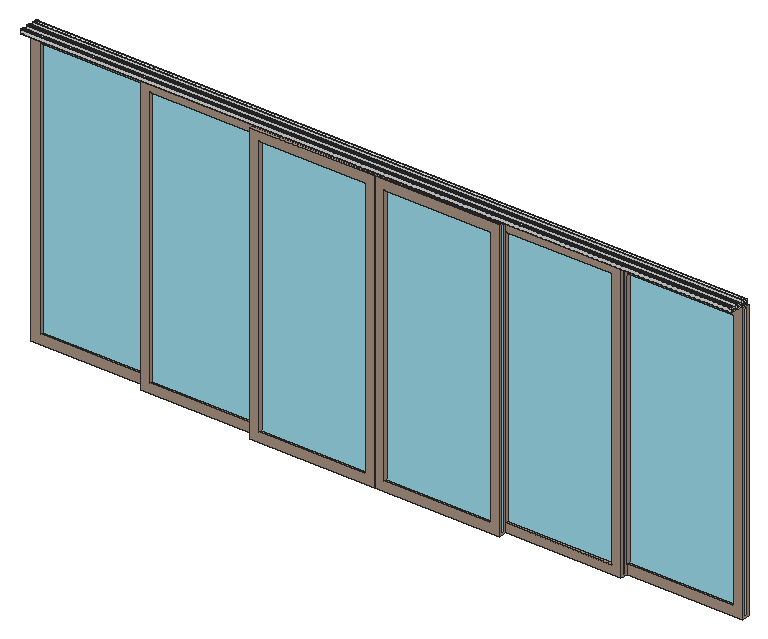
Revit family "Slido 6S Panel Slide SW6S XRDLP", category Doors, host Wall, Revit 2016
Family settings
  Host = Wall
  Always vertical = Yes
  Cut with Voids When Loaded = No
  Shared = No
  Room Calculation Point = No
Parameters (values of type "234"x 94 1/2"")
  URL = "www.raydoor.com"
  Type Image = SW6.jpg
  Thickness = 2 1/4"  # constant formula
  Rough Width = 1"  # constant formula
  Rough Height = 0"  # constant formula
  Model = "SW6S"
  Function = Interior
  Door Material = Door - Panel
  Panel Material = Glass, Cast, Gray
  Height = 94 1/2"
  Trim Projection Ext = 63/64"  # constant formula
  Typ = 3"  # constant formula
  Wall Closure = By host
  Width = 234"
  Assembly Code = "SW6S XRDLP"
Reference planes (in)
  plane 1: y = 0
  plane 2: z = 0
  plane 3: x = -1.5
  plane 4: x = -118.5
  plane 5: x = 115.5
  plane 6: z = 94.5
  plane 7: x = 76
  plane 8: x = 114
  plane 9: z = 92.5
  plane 10: x = -42.5
  plane 11: x = -41
  plane 12: x = -39.5
  plane 13: x = -117
  plane 14: x = -115.5
  plane 15: x = 36.5
  plane 16: x = 38
  plane 17: x = 39.5
  plane 18: x = 112.5
  plane 19: x = 114
  plane 20: x = -80.5
  plane 21: x = -79
  plane 22: x = -77.5
  plane 23: x = 74.5
  plane 24: x = 76
  plane 25: x = 77.5
  plane 26: x = -3
  plane 27: x = -4.5
  plane 28: x = -3
  plane 29: x = 1.5
  plane 30: x = 0
Forms (in)
  Extrusion 1, solid, material "Door - Panel" <- "Door Material"
    sketch origin (-95, -7.75, 0.25) x (1, 0, 0) y (0, 0, 1)
      loop
        line (131.5, 92.25) -> (131.5, 0.5) -> (172.5, 0.5) -> (172.5, 92.25) -> (131.5, 92.25)
      loop
        line (134.5, 89.25) -> (134.5, 3.5) -> (169.5, 3.5) -> (169.5, 89.25) -> (134.5, 89.25)
    from -8.875 to -6.625
  Extrusion 2, solid, material "Glass, Cast, Gray" <- "Panel Material"
    sketch origin (-58, -13.51431, 0.25) x (1, 0, 0) y (0, 0, 1)
      loop
        line (94.5, 92.25) -> (94.5, 1.375) -> (135.5, 1.375) -> (135.5, 92.25) -> (94.5, 92.25)
    from -13.62452 to -13.37616
  Extrusion 3, solid, material "Door - Panel" <- "Door Material"
    sketch origin (-133.5, -5.62336, 0.25) x (1, 0, 0) y (0, 0, 1)
      loop
        line (132, 92.25) -> (132, 0.5) -> (173, 0.5) -> (173, 92.25) -> (132, 92.25)
      loop
        line (135, 89.25) -> (135, 3.5) -> (170, 3.5) -> (170, 89.25) -> (135, 89.25)
    from -4.23602 to -1.98602
  Extrusion 4, solid, material "Glass, Cast, Gray" <- "Panel Material"
    sketch origin (-97, -16.00826, 0.25) x (1, 0, 0) y (0, 0, 1)
      loop
        line (95.5, 92.25) -> (95.5, 1.375) -> (136.5, 1.375) -> (136.5, 92.25) -> (95.5, 92.25)
    from -13.61928 to -13.37092
  Extrusion 5, solid, material "Door - Panel" <- "Door Material"
    sketch origin (-57, -1.59375, 0.25) x (1, 0, 0) y (0, 0, 1)
      loop
        line (131.5, 92.25) -> (131.5, 0.5) -> (172.5, 0.5) -> (172.5, 92.25) -> (131.5, 92.25)
      loop
        line (134.5, 89.25) -> (134.5, 3.5) -> (169.5, 3.5) -> (169.5, 89.25) -> (134.5, 89.25)
    from -5.23602 to -2.98602
  Extrusion 6, solid, material "Glass, Cast, Gray" <- "Panel Material"
    sketch origin (-20, -11.04925, 0.25) x (1, 0, 0) y (0, 0, 1)
      loop
        line (94.5, 92.25) -> (94.5, 1.375) -> (135.5, 1.375) -> (135.5, 92.25) -> (94.5, 92.25)
    from -13.69152 to -13.44316
  Extrusion 7, solid, material "UHMW, White"
    sketch origin (0, 41.42102, -8.8393) x (0, 1, 0) y (0, 0, 1)
      loop
        line (-40.90927, 103.3393) -> (-41.93277, 103.3393) -> (-41.93277, 103.25788)
        arc (-41.93277, 103.25788) -> (-41.93277, 103.18259) -> (-41.99798, 103.22023) r 0.04347
        line (-41.99798, 103.22023) -> (-42.03755, 103.22023) -> (-42.03755, 102.06546)
        arc (-42.03755, 102.06546) -> (-42.02627, 102.03823) -> (-41.99904, 102.02695) r 0.03851
        arc (-41.99904, 102.02695) -> (-41.95713, 102.04782) -> (-41.91529, 102.0268) r 0.05233
        line (-41.91529, 102.0268) -> (-41.7174, 102.0268) -> (-41.7174, 102.10673) -> (-41.93475, 102.12574) -> (-41.96636, 102.24373) -> (-41.96636, 103.10416) -> (-41.832, 103.11591) -> (-41.832, 103.24555) -> (-41.65813, 103.24555) -> (-41.65813, 103.14872) -> (-41.59885, 103.14872) -> (-41.59885, 103.24555) -> (-41.24319, 103.24555) -> (-41.24319, 103.14872) -> (-41.18392, 103.14872) -> (-41.18392, 103.24555) -> (-41.01004, 103.24555) -> (-41.01004, 103.11591) -> (-40.87568, 103.10416) -> (-40.87568, 102.24373) -> (-40.90729, 102.12574) -> (-41.12464, 102.10673) -> (-41.12464, 102.02673) -> (-40.92672, 102.02673)
        arc (-40.92672, 102.02673) -> (-40.88484, 102.04771) -> (-40.84295, 102.02673) r 0.0523
        arc (-40.84295, 102.02673) -> (-40.8158, 102.03798) -> (-40.80455, 102.06514) r 0.0384
        line (-40.80455, 102.06514) -> (-40.80455, 103.22023) -> (-40.84407, 103.22023)
        arc (-40.84407, 103.22023) -> (-40.90927, 103.18259) -> (-40.90927, 103.25788) r 0.04347
        line (-40.90927, 103.25788) -> (-40.90927, 103.3393)
    from -118.5 to 115.5
  Extrusion 8, solid, material "UHMW, White"
    sketch origin (-41.44048, 0.40931, 94.375) x (0, -1, 0) y (1, 0, 0)
      loop
        circle (0.40931, 117.44048) r 0.125
    from -1.875 to 0.125
  Extrusion 9, solid, material "UHMW, White"
    sketch origin (-79.44047, 3.13354, 94.375) x (0, -1, 0) y (1, 0, 0)
      loop
        circle (0.59681, 193.44047) r 0.125
    from -1.875 to 0.125
  Extrusion 10, solid, material "UHMW, White"
    sketch origin (-41.44048, -2.33987, 94.375) x (0, -1, 0) y (1, 0, 0)
      loop
        circle (0.17247, 79.44048) r 0.125
    from -1.875 to 0.125
  Extrusion 11, void
    sketch origin (-97, -16.00826, -91) x (1, 0, 0) y (0, 0, 1)
      loop
        line (95.5, 92.625) -> (95.5, 91.75) -> (136.5, 91.75) -> (136.5, 92.625) -> (95.5, 92.625)
    from -13.61928 to -13.37092
  Extrusion 12, void
    sketch origin (-97, -13.48248, -91) x (1, 0, 0) y (0, 0, 1)
      loop
        line (133.5, 92.625) -> (133.5, 91.75) -> (174.5, 91.75) -> (174.5, 92.625) -> (133.5, 92.625)
    from -13.59269 to -13.34433
  Extrusion 13, void
    sketch origin (-97, -11.10201, -91) x (1, 0, 0) y (0, 0, 1)
      loop
        line (171.5, 92.625) -> (171.5, 91.75) -> (212.5, 91.75) -> (212.5, 92.625) -> (171.5, 92.625)
    from -13.74428 to -13.49592
  Extrusion 14, solid, material "UHMW, White"
    sketch origin (0, 43.95775, -8.8393) x (0, 1, 0) y (0, 0, 1)
      loop
        line (-40.90927, 103.3393) -> (-41.93277, 103.3393) -> (-41.93277, 103.25788)
        arc (-41.93277, 103.25788) -> (-41.93277, 103.18259) -> (-41.99798, 103.22023) r 0.04347
        line (-41.99798, 103.22023) -> (-42.03755, 103.22023) -> (-42.03755, 102.06546)
        arc (-42.03755, 102.06546) -> (-42.02627, 102.03823) -> (-41.99904, 102.02695) r 0.03851
        arc (-41.99904, 102.02695) -> (-41.95713, 102.04782) -> (-41.91529, 102.0268) r 0.05233
        line (-41.91529, 102.0268) -> (-41.7174, 102.0268) -> (-41.7174, 102.10673) -> (-41.93475, 102.12574) -> (-41.96636, 102.24373) -> (-41.96636, 103.10416) -> (-41.832, 103.11591) -> (-41.832, 103.24555) -> (-41.65813, 103.24555) -> (-41.65813, 103.14872) -> (-41.59885, 103.14872) -> (-41.59885, 103.24555) -> (-41.24319, 103.24555) -> (-41.24319, 103.14872) -> (-41.18392, 103.14872) -> (-41.18392, 103.24555) -> (-41.01004, 103.24555) -> (-41.01004, 103.11591) -> (-40.87568, 103.10416) -> (-40.87568, 102.24373) -> (-40.90729, 102.12574) -> (-41.12464, 102.10673) -> (-41.12464, 102.02673) -> (-40.92672, 102.02673)
        arc (-40.92672, 102.02673) -> (-40.88484, 102.04771) -> (-40.84295, 102.02673) r 0.0523
        arc (-40.84295, 102.02673) -> (-40.8158, 102.03798) -> (-40.80455, 102.06514) r 0.0384
        line (-40.80455, 102.06514) -> (-40.80455, 103.22023) -> (-40.84407, 103.22023)
        arc (-40.84407, 103.22023) -> (-40.90927, 103.18259) -> (-40.90927, 103.25788) r 0.04347
        line (-40.90927, 103.25788) -> (-40.90927, 103.3393)
    from -118.5 to 115.5
  Extrusion 15, solid, material "UHMW, White"
    sketch origin (-79.44047, 5.65081, 94.375) x (0, -1, 0) y (1, 0, 0)
      loop
        circle (5.65081, 38.44047) r 0.125
    from -1.875 to 0.125
  Extrusion 16, solid, material "UHMW, White"
    sketch origin (-41.44048, -4.85221, 94.375) x (0, -1, 0) y (1, 0, 0)
      loop
        circle (-2.34069, 38.44048) r 0.125
    from -1.875 to 0.125
  Extrusion 17, solid, material "UHMW, White"
    sketch origin (0, 38.90868, -8.8393) x (0, 1, 0) y (0, 0, 1)
      loop
        line (-41.24319, 103.24555) -> (-41.24319, 103.14872) -> (-41.18392, 103.14872) -> (-41.18392, 103.24555) -> (-41.01004, 103.24555) -> (-41.01004, 103.11591) -> (-40.87568, 103.10416) -> (-40.87568, 102.24373) -> (-40.90729, 102.12574) -> (-41.12464, 102.10673) -> (-41.12464, 102.02673) -> (-40.92672, 102.02673)
        arc (-40.92672, 102.02673) -> (-40.88484, 102.04771) -> (-40.84295, 102.02673) r 0.0523
        arc (-40.84295, 102.02673) -> (-40.8158, 102.03798) -> (-40.80455, 102.06514) r 0.0384
        line (-40.80455, 102.06514) -> (-40.80455, 103.22023) -> (-40.84407, 103.22023)
        arc (-40.84407, 103.22023) -> (-40.90927, 103.18259) -> (-40.90927, 103.25788) r 0.04347
        line (-40.90927, 103.25788) -> (-40.90927, 103.3393) -> (-41.93277, 103.3393) -> (-41.93277, 103.25788)
        arc (-41.93277, 103.25788) -> (-41.93277, 103.18259) -> (-41.99798, 103.22023) r 0.04347
        line (-41.99798, 103.22023) -> (-42.03755, 103.22023) -> (-42.03755, 102.06546)
        arc (-42.03755, 102.06546) -> (-42.02627, 102.03823) -> (-41.99904, 102.02695) r 0.03851
        arc (-41.99904, 102.02695) -> (-41.95713, 102.04782) -> (-41.91529, 102.0268) r 0.05233
        line (-41.91529, 102.0268) -> (-41.7174, 102.0268) -> (-41.7174, 102.10673) -> (-41.93475, 102.12574) -> (-41.96636, 102.24373) -> (-41.96636, 103.10416) -> (-41.832, 103.11591) -> (-41.832, 103.24555) -> (-41.65813, 103.24555) -> (-41.65813, 103.14872) -> (-41.59885, 103.14872) -> (-41.59885, 103.24555) -> (-41.24319, 103.24555)
    from -118.5 to 115.5
  Extrusion 18, solid, material "UHMW, White", not visible
    sketch origin (0, 46.47502, -8.8393) x (0, 1, 0) y (0, 0, 1)
      loop
        line (-40.98352, 103.19868) -> (-41.01171, 103.3393) -> (-41.83033, 103.3393) -> (-41.85852, 103.19868)
        arc (-41.85852, 103.19868) -> (-41.80383, 103.14399) -> (-41.85852, 103.0893) r 0.05469
        line (-41.85852, 103.0893) -> (-41.98352, 103.0893)
        arc (-41.98352, 103.0893) -> (-42.00562, 103.08015) -> (-42.01477, 103.05805) r 0.03125
        line (-42.01477, 103.05805) -> (-42.01477, 102.01916)
        arc (-42.01477, 102.01916) -> (-42.00846, 102.00031) -> (-41.99207, 101.98907) r 0.0313
        line (-41.99207, 101.98907) -> (-41.79602, 101.93305) -> (-41.69446, 101.93305)
        arc (-41.69446, 101.93305) -> (-41.67628, 101.9417) -> (-41.67151, 101.96126) r 0.02344
        arc (-41.67151, 101.96126) -> (-41.67368, 101.97686) -> (-41.68523, 101.98757) r 0.02344
        line (-41.68523, 101.98757) -> (-41.93665, 102.0594) -> (-41.93665, 102.13127) -> (-41.95227, 102.19377) -> (-41.95227, 102.99555) -> (-41.80383, 103.006) -> (-41.71195, 103.24555) -> (-41.1301, 103.24555) -> (-41.03821, 103.006) -> (-40.88977, 102.99555) -> (-40.88977, 102.19377) -> (-40.9054, 102.13127) -> (-40.9054, 102.0594) -> (-41.15682, 101.98757)
        arc (-41.15682, 101.98757) -> (-41.16837, 101.97686) -> (-41.17053, 101.96126) r 0.02344
        arc (-41.17053, 101.96126) -> (-41.16576, 101.9417) -> (-41.14758, 101.93305) r 0.02344
        line (-41.14758, 101.93305) -> (-41.04602, 101.93305) -> (-40.84997, 101.98907)
        arc (-40.84997, 101.98907) -> (-40.83358, 102.00031) -> (-40.82727, 102.01916) r 0.0313
        line (-40.82727, 102.01916) -> (-40.82727, 103.05805)
        arc (-40.82727, 103.05805) -> (-40.83642, 103.08015) -> (-40.85852, 103.0893) r 0.03125
        line (-40.85852, 103.0893) -> (-40.98352, 103.0893)
        arc (-40.98352, 103.0893) -> (-41.03821, 103.14399) -> (-40.98352, 103.19868) r 0.05469
    from -96.5 to 96.5
  Extrusion 19, solid, material "UHMW, White"
    sketch origin (76.44047, 3.13354, 94.375) x (0, -1, 0) y (1, 0, 0)
      loop
        circle (0.59681, -155.44047) r 0.125
    from -1.875 to 0.125
  Extrusion 20, solid, material "Door - Panel" <- "Door Material"
    sketch origin (-215.33333, -1.59375, 0.25) x (1, 0, 0) y (0, 0, 1)
      loop
        line (96.83333, 92.25) -> (96.83333, 0.5) -> (137.83333, 0.5) -> (137.83333, 92.25) -> (96.83333, 92.25)
      loop
        line (99.83333, 89.25) -> (99.83333, 3.5) -> (134.83333, 3.5) -> (134.83333, 89.25) -> (99.83333, 89.25)
    from -5.23602 to -2.98602
  Extrusion 21, solid, material "Glass, Cast, Gray" <- "Panel Material"
    sketch origin (-178.33333, -11.04925, 0.25) x (1, 0, 0) y (0, 0, 1)
      loop
        line (59.83333, 92.25) -> (59.83333, 1.375) -> (100.83333, 1.375) -> (100.83333, 92.25) -> (59.83333, 92.25)
    from -13.69152 to -13.44316
  Extrusion 22, void
    sketch origin (-255.33333, -11.10201, -91) x (1, 0, 0) y (0, 0, 1)
      loop
        line (136.83333, 92.625) -> (136.83333, 91.75) -> (177.83333, 91.75) -> (177.83333, 92.625) -> (136.83333, 92.625)
    from -13.74428 to -13.49592
  Extrusion 23, solid, material "Door - Panel" <- "Door Material"
    sketch origin (-191, -7.75, 0.25) x (1, 0, 0) y (0, 0, 1)
      loop
        line (110.5, 92.25) -> (110.5, 0.5) -> (151.5, 0.5) -> (151.5, 92.25) -> (110.5, 92.25)
      loop
        line (113.5, 89.25) -> (113.5, 3.5) -> (148.5, 3.5) -> (148.5, 89.25) -> (113.5, 89.25)
    from -8.875 to -6.625
  Extrusion 24, solid, material "Glass, Cast, Gray" <- "Panel Material"
    sketch origin (-154, -13.51431, 0.25) x (1, 0, 0) y (0, 0, 1)
      loop
        line (73.5, 92.25) -> (73.5, 1.375) -> (114.5, 1.375) -> (114.5, 92.25) -> (73.5, 92.25)
    from -13.62452 to -13.37616
  Extrusion 25, void
    sketch origin (-193, -13.48248, -91) x (1, 0, 0) y (0, 0, 1)
      loop
        line (112.5, 92.625) -> (112.5, 91.75) -> (153.5, 91.75) -> (153.5, 92.625) -> (112.5, 92.625)
    from -13.59269 to -13.34433
  Extrusion 26, solid, material "Door - Panel" <- "Door Material"
    sketch origin (-167.66667, -5.62336, 0.25) x (1, 0, 0) y (0, 0, 1)
      loop
        line (125.16667, 92.25) -> (125.16667, 0.5) -> (166.16667, 0.5) -> (166.16667, 92.25) -> (125.16667, 92.25)
      loop
        line (128.16667, 89.25) -> (128.16667, 3.5) -> (163.16667, 3.5) -> (163.16667, 89.25) -> (128.16667, 89.25)
    from -4.23602 to -1.98602
  Extrusion 27, solid, material "Glass, Cast, Gray" <- "Panel Material"
    sketch origin (-131.16667, -16.00826, 0.25) x (1, 0, 0) y (0, 0, 1)
      loop
        line (88.66667, 92.25) -> (88.66667, 1.375) -> (129.66667, 1.375) -> (129.66667, 92.25) -> (88.66667, 92.25)
    from -13.61928 to -13.37092
  Extrusion 28, void
    sketch origin (-131.16667, -16.00826, -91) x (1, 0, 0) y (0, 0, 1)
      loop
        line (88.66667, 92.625) -> (88.66667, 91.75) -> (129.66667, 91.75) -> (129.66667, 92.625) -> (88.66667, 92.625)
    from -13.61928 to -13.37092
Cuts and joins
  Extrusion 11, Extrusion 28 cuts Extrusion 3
  Extrusion 12, Extrusion 25 cuts Extrusion 1
  Extrusion 13, Extrusion 22 cuts Extrusion 5
  Extrusion 22 cuts Extrusion 6
  Extrusion 22 cuts Extrusion 20
  Extrusion 22 cuts Extrusion 21
  Extrusion 25 cuts Extrusion 2
  Extrusion 25 cuts Extrusion 23
  Extrusion 25 cuts Extrusion 24
  Extrusion 28 cuts Extrusion 4
  Extrusion 28 cuts Extrusion 26
  Extrusion 28 cuts Extrusion 27
Lines and regions (in)
  Opening 1
    outline origin (-60, -7.75, 144) x (0, 0, -1) y (1, 0, 0)
      loop
        line (49.5, -58.5) -> (144, -58.5) -> (144, 175.5) -> (49.5, 175.5) -> (49.5, -58.5)
  Masking region 1
    outline origin (0, 0, 0) x (1, 0, 0) y (0, 1, 0)
      loop
        line (115.5, -1.125) -> (115.5, 1.125) -> (74.5, 1.125) -> (74.5, -1.125) -> (115.5, -1.125)
  Masking region 2
    outline origin (0, -2.5, 0) x (1, 0, 0) y (0, 1, 0)
      loop
        line (115.5, -1.13734) -> (115.5, 1.11266) -> (74.5, 1.11266) -> (74.5, -1.13734) -> (115.5, -1.13734)
  Masking region 3
    outline origin (0, 2.70109, 0) x (1, 0, 0) y (0, 1, 0)
      loop
        line (115.5, -1.30882) -> (115.5, 0.94118) -> (74.5, 0.94118) -> (74.5, -1.30882) -> (115.5, -1.30882)
  Masking region 4
    outline origin (-152.23579, 4.781, 0) x (1, 0, 0) y (0, 1, 0)
      loop
        line (74.73579, -3.38873) -> (74.73579, -1.13873) -> (33.73579, -1.13873) -> (33.73579, -3.38873) -> (74.73579, -3.38873)
  Masking region 5
    outline origin (-152.23579, 1.781, 0) x (1, 0, 0) y (0, 1, 0)
      loop
        line (74.73579, -2.906) -> (74.73579, -0.656) -> (33.73579, -0.656) -> (33.73579, -2.906) -> (74.73579, -2.906)
  Masking region 6
    outline origin (-150.05724, -1.57368, 0) x (1, 0, 0) y (0, 1, 0)
      loop
        line (72.55724, -2.06366) -> (72.55724, 0.18634) -> (31.55724, 0.18634) -> (31.55724, -2.06366) -> (72.55724, -2.06366)
  model lines
    curve 1: line (-118.5, 7.75, 0) -> (115.5, 7.75, 0)
  symbolic lines, style "Elevation Swing"
    curve 2: line (44.58333, 0, 38.12969) -> (69.41667, 0, 38.12969)
    curve 3: line (69.41667, 0, 32.93892) -> (44.58333, 0, 32.93892)
    curve 4: line (44.58333, 0, 38.12969) -> (51.51154, 0, 42.12969)
    curve 5: line (62.48846, 0, 28.93892) -> (69.41667, 0, 32.93892)
    curve 20: line (-72.41667, 0, 38.12969) -> (-47.58333, 0, 38.12969)
    curve 21: line (-47.58333, 0, 32.93892) -> (-72.41667, 0, 32.93892)
    curve 22: line (-72.41667, 0, 38.12969) -> (-65.48846, 0, 42.12969)
    curve 23: line (-54.51154, 0, 28.93892) -> (-47.58333, 0, 32.93892)
  symbolic lines, style "DoorsHiddenLines"
    curve 6: line (114, 1.39227, 0) -> (-117, 1.39227, 0)
    curve 7: line (114, 3.64227, 0) -> (-117, 3.64227, 0)
    curve 8: line (114, 1.125, 0) -> (-117, 1.125, 0)
    curve 9: line (114, -1.125, 0) -> (-117, -1.125, 0)
    curve 10: line (114, -3.63734, 0) -> (-117, -3.63734, 0)
    curve 11: line (114, -1.38734, 0) -> (-117, -1.38734, 0)
  symbolic lines, style "Plan Swing"
    curve 12: line (67.16667, -16.42864, 0) -> (46.83333, -16.42864, 0)
    curve 13: line (46.83333, -16.42864, 0) -> (48.95465, -14.30732, 0)
    curve 14: line (67.16667, -17.94763, 0) -> (46.83333, -17.94763, 0)
    curve 15: line (65.04535, -20.06895, 0) -> (67.16667, -17.94763, 0)
    curve 16: line (-49.83333, -16.42864, 0) -> (-70.16667, -16.42864, 0)
    curve 17: line (-70.16667, -16.42864, 0) -> (-68.04535, -14.30732, 0)
    curve 18: line (-49.83333, -17.94763, 0) -> (-70.16667, -17.94763, 0)
    curve 19: line (-51.95465, -20.06895, 0) -> (-49.83333, -17.94763, 0)
Dimensions and locks (in)
  equal spacing: plane 4, plane 3, plane 5
  "Width": plane 4 to plane 5
  "Height": plane 6 to level
  "Typ": Extrusion 1 sketch curve to Extrusion 1 sketch curve  (x2)
  locked: Extrusion 2 to Extrusion 2 at 0.24836
  locked: Extrusion 2 to Extrusion 1 at 0.98684
  locked: Extrusion 1 to Extrusion 2 at 1.0148
  "Typ": Extrusion 3 sketch curve to Extrusion 3 sketch curve  (x2)
  locked: Extrusion 4 to Extrusion 4 at 0.24836
  "Thickness": Extrusion 3 to Extrusion 3
  locked: Extrusion 3 to Extrusion 4 at 1.00164
  locked: Extrusion 4 to Extrusion 3 at 1
  "Thickness": Extrusion 1 to Extrusion 1
  "Typ": Extrusion 5 sketch curve to Extrusion 5 sketch curve  (x2)
  locked: Extrusion 6 to Extrusion 6 at 0.24836
  locked: Extrusion 6 to Extrusion 5 at 1.00164
  locked: Extrusion 5 to Extrusion 6 at 1
  "Thickness": Extrusion 5 to Extrusion 5
  locked: plane 7 to Extrusion 8 sketch curve at 0.125
  plane 6 to plane 9 = 2"
  locked: Extrusion 5 to Extrusion 6 sketch curve at 0.875
  locked: cut or joined group of Extrusion 5, Extrusion 13, Extrusion 22 to cut or joined group of Extrusion 1, Extrusion 12, Extrusion 25 at 0.26727
  "Typ": plane 10 to plane 12
  equal spacing: plane 10, plane 11, plane 12, locked at 1.5 each
  "Typ": plane 4 to plane 14
  equal spacing: plane 4, plane 13, plane 14, locked at 1.5 each
  equal spacing: plane 30, plane 16, plane 24, plane 19
  "Typ": plane 15 to plane 17
  equal spacing: plane 15, plane 16, plane 17, locked at 1.5 each
  "Typ": plane 18 to plane 5
  equal spacing: plane 18, plane 19, plane 5, locked at 1.5 each
  equal spacing: cut or joined group of Extrusion 1, Extrusion 12, Extrusion 25, host wall, cut or joined group of Extrusion 1, Extrusion 12, Extrusion 25, locked at 1.125 each
  locked: cut or joined group of Extrusion 1, Extrusion 12, Extrusion 25 to cut or joined group of Extrusion 3, Extrusion 11, Extrusion 28 at 0.26234
  locked: Extrusion 10 sketch curve to host wall at 2.63734
  locked: host wall to cut or joined group of Extrusion 3, Extrusion 11, Extrusion 28 at 1.38734
  locked: host wall to Extrusion 9 sketch curve at 2.41172
  "Thickness": Masking region 2 sketch curve to Masking region 2 sketch curve
  locked: curve 9 to Masking region 2 sketch curve at 0.26234
  "Typ": plane 20 to plane 22
  equal spacing: plane 20, plane 21, plane 22, locked at 1.5 each
  "Typ": plane 23 to plane 25
  equal spacing: plane 23, plane 24, plane 25, locked at 1.5 each
  locked: plane 26 to Extrusion 16 sketch curve at 0.125
  locked: Extrusion 18 sketch curve to Extrusion 18 sketch curve at 0.09375
  plane 27 to plane 28 to plane 3 = 1 1/2" locked, 1 1/2" locked
  plane 29 to plane 30 to plane 3 = 1 1/2" locked, 1 1/2" locked
  locked: Extrusion 8 sketch curve to curve 9 at 1
  locked: Extrusion 16 sketch curve to curve 10 at 1.00082
  locked: plane 10 to Extrusion 15 sketch curve at 1.375
  locked: Extrusion 15 sketch curve to curve 9 at 1
  equal spacing: plane 13, plane 21, plane 11, plane 28
  locked: plane 20 to Extrusion 19 sketch curve at 1.375
  locked: Extrusion 19 sketch curve to curve 6 at 1.01945
  "Typ": Extrusion 20 sketch curve to Extrusion 20 sketch curve  (x2)
  locked: Extrusion 21 to Extrusion 21 at 0.24836
  locked: Extrusion 21 to Extrusion 20 at 1.00164
  locked: Extrusion 20 to Extrusion 21 at 1
  "Thickness": Extrusion 20 to Extrusion 20
  locked: Extrusion 20 to Extrusion 21 sketch curve at 0.875
  plane 27 to plane 3 = 3"
  plane 3 to plane 29 = 3"
  "Typ": Extrusion 23 sketch curve to Extrusion 23 sketch curve  (x2)
  locked: Extrusion 24 to Extrusion 24 at 0.24836
  locked: Extrusion 24 to Extrusion 23 at 0.98684
  locked: Extrusion 23 to Extrusion 24 at 1.0148
  "Thickness": Extrusion 23 to Extrusion 23
  "Typ": Extrusion 26 sketch curve to Extrusion 26 sketch curve  (x2)
  locked: Extrusion 27 to Extrusion 27 at 0.24836
  "Thickness": Extrusion 26 to Extrusion 26
  locked: Extrusion 26 to Extrusion 27 at 1.00164
  locked: Extrusion 27 to Extrusion 26 at 1
  locked: Extrusion 26 to Extrusion 27 sketch curve at 0.875
  locked: Extrusion 10 sketch curve to plane 17 at 1.375
  locked: curve 6 to curve 8 at 0.26727
  cut or joined group of Extrusion 26, Extrusion 28 to level = 3/4"
  plane 9 to plane 6 = 2"
  host wall to Extrusion 17 sketch curve = 1.89586"
  Extrusion 14 to Extrusion 14 = 1.233"
  Extrusion 7 to Extrusion 7 = 1.233"
  Extrusion 17 to Extrusion 17 = 1.233"
  cut or joined group of Extrusion 20, Extrusion 22 to cut or joined group of Extrusion 26, Extrusion 28 = 7.27961"
  Extrusion 17 to plane 6 = 1 5/16"
  radius of Extrusion 9 sketch curve = 1/8"
  radius of Extrusion 10 sketch curve = 1/8"
  radius of Extrusion 15 sketch curve = 1/8"
  radius of Extrusion 16 sketch curve = 1/8"
  diameter of Extrusion 8 sketch curve = 1/4"
  radius of Extrusion 19 sketch curve = 1/8"
  aligned and locked: Extrusion 1 to Extrusion 2
  aligned and locked: Opening 1 sketch curve to plane 5
  aligned and locked: Opening 1 sketch curve to plane 4
  aligned and locked: Extrusion 3 to Extrusion 4
  aligned and locked: Extrusion 5 to Extrusion 6
  aligned and locked: Extrusion 7 to plane 6
  aligned and locked: plane 4 to Extrusion 7
  aligned and locked: Extrusion 7 to plane 5
  aligned and locked: Extrusion 8 to Extrusion 1
  aligned and locked: Extrusion 9 to Extrusion 5
  aligned and locked: plane 9 to Extrusion 1
  aligned and locked: plane 9 to Extrusion 5
  aligned and locked: Extrusion 11 to Extrusion 4  (x2)
  aligned and locked: Extrusion 4 to Extrusion 11
  aligned and locked: Extrusion 1 to Extrusion 11
  aligned and locked: Extrusion 12 to Extrusion 1
  aligned and locked: Extrusion 13 to Extrusion 5
  aligned and locked: Extrusion 12 to Extrusion 2  (x2)
  aligned and locked: Extrusion 2 to Extrusion 12
  aligned and locked: Extrusion 13 to Extrusion 6  (x2)
  aligned and locked: Extrusion 6 to Extrusion 13
  aligned and locked: Extrusion 10 to plane 9
  aligned and locked: Extrusion 14 to plane 6
  aligned and locked: Masking region 2 to plane 5
  aligned and locked: Masking region 1 to plane 5
  aligned and locked: Masking region 3 sketch curve to curve 7
  aligned and locked: Masking region 3 to plane 5
  aligned and locked: Masking region 3 to plane 23
  aligned and locked: Masking region 1 to plane 23
  aligned and locked: Masking region 2 to plane 23
  aligned and locked: Extrusion 16 to plane 9
  aligned and locked: Extrusion 15 to plane 9
  aligned and locked: plane 9 to cut or joined group of Extrusion 3, Extrusion 11, Extrusion 28
  aligned and locked: Opening 1 sketch curve to plane 6
  aligned and locked: Extrusion 9 to plane 6
  aligned and locked: Extrusion 15 to plane 6
  aligned and locked: plane 4 to Extrusion 14
  aligned and locked: plane 4 to Extrusion 17
  aligned and locked: Extrusion 14 to plane 5
  aligned and locked: Extrusion 17 to plane 5
  aligned and locked: Extrusion 8 to plane 6
  aligned and locked: Extrusion 10 to plane 6
  aligned and locked: Extrusion 16 to plane 6
  aligned and locked: Extrusion 17 to plane 6
  aligned and locked: Extrusion 5 to Extrusion 13
  aligned and locked: cut or joined group of Extrusion 5, Extrusion 13, Extrusion 22 to plane 5
  aligned and locked: Extrusion 6 to plane 5
  aligned and locked: cut or joined group of Extrusion 5, Extrusion 13, Extrusion 22 to plane 18
  aligned and locked: cut or joined group of Extrusion 5, Extrusion 13, Extrusion 22 to plane 23
  aligned and locked: Extrusion 6 to plane 23
  aligned and locked: Extrusion 13 to Masking region 1
  aligned and locked: plane 25 to Extrusion 2
  aligned and locked: plane 25 to cut or joined group of Extrusion 1, Extrusion 12, Extrusion 25
  aligned and locked: cut or joined group of Extrusion 1, Extrusion 12, Extrusion 25 to plane 23
  aligned and locked: plane 17 to cut or joined group of Extrusion 1, Extrusion 12, Extrusion 25
  aligned and locked: Extrusion 2 to plane 15
  aligned and locked: cut or joined group of Extrusion 1, Extrusion 12, Extrusion 25 to plane 15
  aligned and locked: Extrusion 1 to Extrusion 12  (x2)
  aligned and locked: plane 17 to cut or joined group of Extrusion 3, Extrusion 11, Extrusion 28
  aligned and locked: Extrusion 3 to Extrusion 11
  aligned and locked: cut or joined group of Extrusion 3, Extrusion 11, Extrusion 28 to plane 15
  aligned and locked: plane 17 to Extrusion 4
  aligned and locked: cut or joined group of Extrusion 3, Extrusion 11, Extrusion 28 to plane 29
  aligned and locked: cut or joined group of Extrusion 3, Extrusion 11, Extrusion 28 to plane 3
  aligned and locked: Extrusion 11 to plane 3
  aligned and locked: Extrusion 4 to plane 3
  aligned and locked: plane 8 to plane 19
  aligned and locked: plane 7 to plane 24
  aligned and locked: plane 26 to plane 28
  aligned and locked: Extrusion 20 to Extrusion 21
  aligned and locked: Extrusion 22 to Extrusion 20
  aligned and locked: Extrusion 22 to Extrusion 21  (x2)
  aligned and locked: Extrusion 21 to Extrusion 22
  aligned and locked: Extrusion 20 to Extrusion 22
  aligned and locked: plane 25 to cut or joined group of Extrusion 5, Extrusion 13, Extrusion 22
  aligned and locked: host wall to Extrusion 22
  aligned and locked: plane 4 to cut or joined group of Extrusion 21, Extrusion 22
  aligned and locked: plane 22 to cut or joined group of Extrusion 20, Extrusion 22
  aligned and locked: plane 22 to cut or joined group of Extrusion 21, Extrusion 22
  aligned and locked: cut or joined group of Extrusion 20, Extrusion 22 to plane 20
  aligned and locked: plane 4 to cut or joined group of Extrusion 20, Extrusion 22
  aligned and locked: plane 14 to cut or joined group of Extrusion 20, Extrusion 22
  aligned and locked: plane 4 to Masking region 4
  aligned and locked: Masking region 4 to cut or joined group of Extrusion 20, Extrusion 22
  aligned and locked: plane 22 to Masking region 4
  aligned and locked: curve 7 to Masking region 4
  aligned and locked: Extrusion 23 to Extrusion 24
  aligned and locked: Extrusion 25 to Extrusion 24  (x2)
  aligned and locked: Extrusion 24 to Extrusion 25
  aligned and locked: Extrusion 23 to Extrusion 25  (x2)
  aligned and locked: cut or joined group of Extrusion 23, Extrusion 25 to plane 20
  aligned and locked: cut or joined group of Extrusion 24, Extrusion 25 to plane 20
  aligned and locked: plane 22 to cut or joined group of Extrusion 23, Extrusion 25
  aligned and locked: cut or joined group of Extrusion 23, Extrusion 25 to plane 10
  aligned and locked: plane 12 to cut or joined group of Extrusion 23, Extrusion 25
  aligned and locked: plane 12 to cut or joined group of Extrusion 24, Extrusion 25
  aligned and locked: plane 4 to Masking region 5
  aligned and locked: plane 22 to Masking region 5
  aligned and locked: Masking region 5 to cut or joined group of Extrusion 23, Extrusion 25
  aligned and locked: cut or joined group of Extrusion 23, Extrusion 25 to Masking region 5
  aligned and locked: Extrusion 26 to Extrusion 27
  aligned and locked: Extrusion 28 to Extrusion 27  (x2)
  aligned and locked: Extrusion 27 to Extrusion 28
  aligned and locked: Extrusion 26 to Extrusion 28
  aligned and locked: cut or joined group of Extrusion 27, Extrusion 28 to plane 10
  aligned and locked: cut or joined group of Extrusion 26, Extrusion 28 to plane 10
  aligned and locked: cut or joined group of Extrusion 23, Extrusion 25 to Extrusion 28
  aligned and locked: plane 12 to cut or joined group of Extrusion 26, Extrusion 28
  aligned and locked: plane 3 to cut or joined group of Extrusion 27, Extrusion 28
  aligned and locked: plane 3 to cut or joined group of Extrusion 26, Extrusion 28
  aligned and locked: cut or joined group of Extrusion 26, Extrusion 28 to plane 27
  aligned and locked: plane 4 to Masking region 6
  aligned and locked: plane 22 to Masking region 6
  aligned and locked: curve 11 to Masking region 6
  aligned and locked: Masking region 6 to curve 10
  aligned and locked: Extrusion 19 to plane 9
  aligned and locked: Extrusion 19 to plane 6
  aligned and locked: curve 1 to level
  aligned and locked: cut or joined group of Extrusion 23, Extrusion 25 to curve 9
  aligned and locked: cut or joined group of Extrusion 26, Extrusion 28 to Masking region 6
  aligned and locked: Masking region 5 sketch curve to curve 8
  aligned and locked: cut or joined group of Extrusion 5, Extrusion 13, Extrusion 22 to curve 6
  aligned and locked: Masking region 1 sketch curve to curve 9
  aligned and locked: Masking region 1 sketch curve to curve 8
  aligned and locked: Masking region 2 to curve 10
  aligned and locked: level to plane 2
Automatic sketch dimensions
  Extrusion 18 sketch curve to Extrusion 18 sketch curve = 0.0227"
  Extrusion 18 sketch curve to Extrusion 18 sketch curve = 1/32"  (x4)
  Extrusion 18 sketch curve to Extrusion 18 sketch curve = 1/64"  (x2)
  Extrusion 18 sketch curve to Extrusion 18 sketch curve = 1/8"
  Extrusion 18 sketch curve to Extrusion 18 sketch curve = 0.02819"
  Extrusion 18 sketch curve to Extrusion 18 sketch curve = 7/128"  (x4)
  Extrusion 18 sketch curve to Extrusion 18 sketch curve = 9/64"  (x2)
  Extrusion 18 sketch curve to Extrusion 18 sketch curve = 0.11839"  (x2)
  Extrusion 18 sketch curve to Extrusion 18 sketch curve = 13/128"  (x2)
  Extrusion 18 sketch curve to Extrusion 18 sketch curve = 0"  (x3)
  Extrusion 18 sketch curve to Extrusion 18 sketch curve = 0.00923"  (x2)
  Extrusion 18 sketch curve to Extrusion 18 sketch curve = 0.52841"
  Extrusion 18 sketch curve to Extrusion 18 sketch curve = 0.58185"
  Extrusion 18 sketch curve to Extrusion 18 sketch curve = 0.09189"
  Extrusion 18 sketch curve to Extrusion 18 sketch curve = 0.04683"
  Extrusion 18 sketch curve to Extrusion 18 sketch curve = 0.0086"
  Extrusion 18 sketch curve to Extrusion 18 sketch curve = 3/128"  (x2)
  Extrusion 18 sketch curve to Extrusion 18 sketch curve = 0.00953"  (x2)
  Extrusion 18 sketch curve to Extrusion 18 sketch curve = 0.04024"  (x2)
  Extrusion 18 sketch curve to Extrusion 18 sketch curve = 1/16"  (x4)
  Extrusion 18 sketch curve to Extrusion 18 sketch curve = 0.01044"  (x2)
  Extrusion 18 sketch curve to Extrusion 18 sketch curve = 0.0313"
  Extrusion 18 sketch curve to Extrusion 18 sketch curve = 0.02154"  (x2)
  Extrusion 18 sketch curve to Extrusion 18 sketch curve = 0.05601"  (x2)
  Extrusion 18 sketch curve to Extrusion 18 sketch curve = 0.07187"  (x2)
  Extrusion 18 sketch curve to Extrusion 18 sketch curve = 0.80178"  (x2)
  Extrusion 18 sketch curve to Extrusion 18 sketch curve = 3/64"
  plane 22 to curve 22 = 5.08333"
  level to curve 22 = 38.12969"
  plane 17 to curve 4 = 5.08333"
  level to curve 4 = 38.12969"
  curve 23 to plane 10 = 5.08333"
  curve 20 to curve 23 = 5.19077"
  curve 2 to curve 3 = 5.19077"
  curve 3 to plane 23 = 5.08333"
  plane 17 to curve 4 = 12.01154"
  curve 4 to curve 2 = 4"
  plane 22 to curve 22 = 12.01154"
  curve 22 to curve 20 = 4"
  curve 23 to plane 10 = 12.01154"
  curve 21 to curve 23 = 4"
  curve 5 to plane 23 = 12.01154"
  curve 3 to curve 5 = 4"
  plane 22 to curve 21 = 5.08333"
  curve 20 to plane 10 = 5.08333"
  plane 17 to curve 3 = 5.08333"
  curve 2 to plane 23 = 5.08333"
  Opening 1 sketch curve to level = 0"
  Extrusion 1 sketch curve to plane 9 = 0"
  Extrusion 1 sketch curve to plane 15 = 0"
  Extrusion 1 sketch curve to plane 17 = 0"
  Extrusion 1 sketch curve to plane 23 = 0"
  Extrusion 1 sketch curve to plane 25 = 0"
  level to Extrusion 1 sketch curve = 3 3/4"
  curve 8 to plane 13 = 0"
  curve 6 to plane 13 = 0"
  curve 11 to plane 13 = 0"
  curve 7 to plane 13 = 0"
  curve 9 to plane 13 = 0"
  curve 10 to plane 13 = 0"
  curve 11 to plane 19 = 0"
  curve 10 to plane 19 = 0"
  curve 9 to plane 19 = 0"
  curve 8 to plane 19 = 0"
  curve 7 to plane 19 = 0"
  curve 6 to plane 19 = 0"
  plane 22 to curve 17 = 7.33333"
  curve 18 to plane 10 = 7.33333"
  plane 17 to curve 13 = 7.33333"
  curve 15 to plane 23 = 7.33333"
  host wall to curve 12 = 8.67864"
  host wall to curve 16 = 8.67864"
  curve 15 to curve 12 = 1.51898"
  curve 19 to curve 16 = 1.51898"
  curve 18 to curve 16 = 0"
  curve 16 to curve 17 = 2.12132"  (x2)
  curve 19 to curve 18 = 2.12132"  (x2)
  curve 16 to curve 18 = 0"
  curve 14 to curve 12 = 0"
  curve 12 to curve 13 = 2.12132"  (x2)
  curve 15 to curve 14 = 2.12132"  (x2)
  curve 12 to curve 14 = 0"
  Extrusion 2 sketch curve to plane 15 = 0"
  Extrusion 2 sketch curve to plane 25 = 0"
  Extrusion 2 sketch curve to plane 9 = 0"
  level to Extrusion 2 sketch curve = 1 5/8"
  plane 5 to curve 1 = 0"
  plane 4 to curve 1 = 0"
  Masking region 1 sketch curve to plane 23 = 0"
  Masking region 1 sketch curve to plane 5 = 0"
  Extrusion 3 sketch curve to plane 3 = 0"
  plane 29 to Extrusion 3 sketch curve = 0"
  Extrusion 3 sketch curve to plane 15 = 0"
  Extrusion 3 sketch curve to plane 17 = 0"
  Extrusion 3 sketch curve to plane 9 = 0"
  level to Extrusion 3 sketch curve = 3 3/4"
  Extrusion 4 sketch curve to plane 3 = 0"
  Extrusion 4 sketch curve to plane 17 = 0"
  Extrusion 4 sketch curve to plane 9 = 0"
  level to Extrusion 4 sketch curve = 1 5/8"
  Masking region 2 sketch curve to plane 23 = 0"
  Masking region 2 sketch curve to plane 5 = 0"
  Masking region 3 sketch curve to plane 23 = 0"
  Masking region 3 sketch curve to plane 5 = 0"
  Masking region 3 sketch curve to host wall = 1.39227"
  Extrusion 5 sketch curve to plane 9 = 0"
  Extrusion 5 sketch curve to plane 23 = 0"
  Extrusion 5 sketch curve to plane 25 = 0"
  Extrusion 5 sketch curve to plane 18 = 0"
  plane 5 to Extrusion 5 sketch curve = 0"
  level to Extrusion 5 sketch curve = 3 3/4"
  Extrusion 6 sketch curve to plane 23 = 0"
  plane 5 to Extrusion 6 sketch curve = 0"
  Extrusion 6 sketch curve to plane 9 = 0"
  plane 6 to Extrusion 7 sketch curve = 0"
  host wall to Extrusion 7 sketch curve = 0.61653"
  Extrusion 7 sketch curve to Extrusion 7 sketch curve = 0.03851"
  Extrusion 7 sketch curve to Extrusion 7 sketch curve = 0.03957"
  Extrusion 7 sketch curve to Extrusion 7 sketch curve = 0.03161"
  Extrusion 7 sketch curve to Extrusion 7 sketch curve = 0.04182"
  Extrusion 7 sketch curve to Extrusion 7 sketch curve = 0.04347"  (x2)
  Extrusion 7 sketch curve to Extrusion 7 sketch curve = 0.06429"
  Extrusion 7 sketch curve to Extrusion 7 sketch curve = 0.02173"  (x2)
  Extrusion 7 sketch curve to Extrusion 7 sketch curve = 0.04193"
  Extrusion 7 sketch curve to Extrusion 7 sketch curve = 0.10077"  (x2)
  Extrusion 7 sketch curve to Extrusion 7 sketch curve = 0.19789"
  Extrusion 7 sketch curve to Extrusion 7 sketch curve = 0.17388"  (x2)
  Extrusion 7 sketch curve to Extrusion 7 sketch curve = 0.05928"  (x2)
  Extrusion 7 sketch curve to host wall = 0.17783"
  Extrusion 7 sketch curve to host wall = 0.29638"
  Extrusion 7 sketch curve to Extrusion 7 sketch curve = 0.19792"
  Extrusion 7 sketch curve to Extrusion 7 sketch curve = 0.01943"
  Extrusion 7 sketch curve to Extrusion 7 sketch curve = 0.04189"  (x2)
  Extrusion 7 sketch curve to Extrusion 7 sketch curve = 0.01186"
  Extrusion 7 sketch curve to Extrusion 7 sketch curve = 0.0384"
  Extrusion 7 sketch curve to Extrusion 7 sketch curve = 0.08143"  (x2)
  plane 6 to Extrusion 7 sketch curve = 3/32"  (x2)
  Extrusion 7 sketch curve to Extrusion 7 sketch curve = 0"
  Extrusion 7 sketch curve to Extrusion 7 sketch curve = 0.09683"  (x2)
  Extrusion 7 sketch curve to Extrusion 7 sketch curve = 0.12964"  (x2)
  Extrusion 7 sketch curve to Extrusion 7 sketch curve = 0.11608"  (x2)
  Extrusion 7 sketch curve to Extrusion 7 sketch curve = 0.86043"  (x2)
  Extrusion 7 sketch curve to Extrusion 7 sketch curve = 0.11799"  (x2)
  Extrusion 7 sketch curve to Extrusion 7 sketch curve = 0.01902"  (x2)
  Extrusion 7 sketch curve to Extrusion 7 sketch curve = 0.06029"
  Extrusion 7 sketch curve to Extrusion 7 sketch curve = 0.06061"
  Extrusion 7 sketch curve to Extrusion 7 sketch curve = 0.07992"
  Extrusion 7 sketch curve to Extrusion 7 sketch curve = 0.03133"
  Extrusion 9 sketch curve to plane 8 = 0"
  Extrusion 11 sketch curve to plane 3 = 0"
  Extrusion 11 sketch curve to plane 17 = 0"
  level to Extrusion 11 sketch curve = 3/4"
  Extrusion 11 sketch curve to Extrusion 11 sketch curve = 7/8"
  Extrusion 12 sketch curve to plane 15 = 0"
  Extrusion 12 sketch curve to plane 25 = 0"
  level to Extrusion 12 sketch curve = 3/4"
  Extrusion 12 sketch curve to Extrusion 12 sketch curve = 7/8"
  Extrusion 13 sketch curve to plane 23 = 0"
  plane 5 to Extrusion 13 sketch curve = 0"
  level to Extrusion 13 sketch curve = 3/4"
  Extrusion 13 sketch curve to Extrusion 13 sketch curve = 7/8"
  plane 6 to Extrusion 14 sketch curve = 0"
  plane 9 to Extrusion 14 sketch curve = 0.72615"
  Extrusion 14 sketch curve to host wall = 1.9202"
  Extrusion 14 sketch curve to Extrusion 14 sketch curve = 0.03851"
  Extrusion 14 sketch curve to Extrusion 14 sketch curve = 0.03957"
  Extrusion 14 sketch curve to Extrusion 14 sketch curve = 0.03161"
  Extrusion 14 sketch curve to Extrusion 14 sketch curve = 0.04182"
  Extrusion 14 sketch curve to Extrusion 14 sketch curve = 0.04347"  (x2)
  plane 9 to Extrusion 14 sketch curve = 0.78644"  (x2)
  Extrusion 14 sketch curve to Extrusion 14 sketch curve = 0.06429"
  Extrusion 14 sketch curve to Extrusion 14 sketch curve = 0.02173"  (x2)
  Extrusion 14 sketch curve to Extrusion 14 sketch curve = 0.04193"
  Extrusion 14 sketch curve to Extrusion 14 sketch curve = 0.10077"  (x2)
  Extrusion 14 sketch curve to Extrusion 14 sketch curve = 0.19789"
  Extrusion 14 sketch curve to Extrusion 14 sketch curve = 0.17388"  (x2)
  Extrusion 14 sketch curve to Extrusion 14 sketch curve = 0.05928"  (x2)
  Extrusion 14 sketch curve to Extrusion 14 sketch curve = 0.35566"
  Extrusion 14 sketch curve to Extrusion 14 sketch curve = 0.59276"
  Extrusion 14 sketch curve to Extrusion 14 sketch curve = 0.19792"
  Extrusion 14 sketch curve to Extrusion 14 sketch curve = 0.01943"
  Extrusion 14 sketch curve to Extrusion 14 sketch curve = 0.04189"  (x2)
  Extrusion 14 sketch curve to Extrusion 14 sketch curve = 0.01186"
  Extrusion 14 sketch curve to Extrusion 14 sketch curve = 0.0384"
  Extrusion 14 sketch curve to Extrusion 14 sketch curve = 0.09894"
  Extrusion 14 sketch curve to Extrusion 14 sketch curve = 0.09901"
  Extrusion 14 sketch curve to Extrusion 14 sketch curve = 0.03133"
  Extrusion 14 sketch curve to Extrusion 14 sketch curve = 0.08"
  Extrusion 14 sketch curve to Extrusion 14 sketch curve = 0.07992"
  Extrusion 14 sketch curve to Extrusion 14 sketch curve = 0.11799"  (x2)
  plane 6 to Extrusion 14 sketch curve = 0.23515"  (x2)
  Extrusion 14 sketch curve to Extrusion 14 sketch curve = 0.01175"  (x2)
  Extrusion 14 sketch curve to Extrusion 14 sketch curve = 0.03281"  (x2)
  plane 6 to Extrusion 14 sketch curve = 0.11907"  (x2)
  plane 6 to Extrusion 14 sketch curve = 3/32"  (x2)
  Extrusion 14 sketch curve to Extrusion 14 sketch curve = 0"
  plane 4 to Extrusion 20 sketch curve = 0"
  Extrusion 20 sketch curve to plane 14 = 0"
  Extrusion 20 sketch curve to plane 20 = 0"
  Extrusion 20 sketch curve to plane 22 = 0"
  Extrusion 20 sketch curve to plane 9 = 0"
  level to Extrusion 20 sketch curve = 3 3/4"
  plane 4 to Extrusion 21 sketch curve = 0"
  Extrusion 21 sketch curve to plane 22 = 0"
  Extrusion 21 sketch curve to plane 9 = 0"
  plane 4 to Extrusion 22 sketch curve = 0"
  Extrusion 22 sketch curve to plane 22 = 0"
  level to Extrusion 22 sketch curve = 3/4"
  Extrusion 22 sketch curve to Extrusion 22 sketch curve = 7/8"
  Masking region 4 sketch curve to plane 4 = 0"
  Masking region 4 sketch curve to plane 22 = 0"
  Masking region 4 sketch curve to host wall = 1.39227"
  Masking region 4 sketch curve to Masking region 4 sketch curve = 2 1/4"
  Extrusion 23 sketch curve to plane 9 = 0"
  Extrusion 23 sketch curve to plane 20 = 0"
  Extrusion 23 sketch curve to plane 22 = 0"
  Extrusion 23 sketch curve to plane 10 = 0"
  Extrusion 23 sketch curve to plane 12 = 0"
  level to Extrusion 23 sketch curve = 3 3/4"
  Extrusion 24 sketch curve to plane 20 = 0"
  Extrusion 24 sketch curve to plane 12 = 0"
  Extrusion 24 sketch curve to plane 9 = 0"
  level to Extrusion 24 sketch curve = 1 5/8"
  Extrusion 25 sketch curve to plane 20 = 0"
  Extrusion 25 sketch curve to plane 12 = 0"
  level to Extrusion 25 sketch curve = 3/4"
  Extrusion 25 sketch curve to Extrusion 25 sketch curve = 7/8"
  Masking region 5 sketch curve to plane 4 = 0"
  Masking region 5 sketch curve to plane 22 = 0"
  host wall to Masking region 5 sketch curve = 1 1/8"
  Extrusion 26 sketch curve to plane 9 = 0"
  Extrusion 26 sketch curve to plane 10 = 0"
  Extrusion 26 sketch curve to plane 12 = 0"
  Extrusion 26 sketch curve to plane 27 = 0"
  Extrusion 26 sketch curve to plane 3 = 0"
  level to Extrusion 26 sketch curve = 3 3/4"
  Extrusion 27 sketch curve to plane 10 = 0"
  Extrusion 27 sketch curve to plane 3 = 0"
  Extrusion 27 sketch curve to plane 9 = 0"
  Extrusion 28 sketch curve to plane 10 = 0"
  Extrusion 28 sketch curve to plane 3 = 0"
  level to Extrusion 28 sketch curve = 3/4"
  Extrusion 28 sketch curve to Extrusion 28 sketch curve = 7/8"
  Masking region 6 sketch curve to plane 4 = 0"
  Masking region 6 sketch curve to plane 22 = 0"
  host wall to Masking region 6 sketch curve = 3.63734"
  host wall to Masking region 6 sketch curve = 1.38734"
  plane 6 to Extrusion 17 sketch curve = 0"
  Extrusion 17 sketch curve to Extrusion 17 sketch curve = 0.03851"
  Extrusion 17 sketch curve to Extrusion 17 sketch curve = 0.03957"
  Extrusion 17 sketch curve to Extrusion 17 sketch curve = 0.03268"
  Extrusion 17 sketch curve to Extrusion 17 sketch curve = 0.04182"
  Extrusion 17 sketch curve to Extrusion 17 sketch curve = 0.04347"  (x2)
  plane 6 to Extrusion 17 sketch curve = 1.21356"  (x2)
  Extrusion 17 sketch curve to Extrusion 17 sketch curve = 0.06429"
  Extrusion 17 sketch curve to Extrusion 17 sketch curve = 0.02173"  (x2)
  Extrusion 17 sketch curve to Extrusion 17 sketch curve = 0.04193"
  Extrusion 17 sketch curve to Extrusion 17 sketch curve = 0.10077"  (x2)
  plane 6 to Extrusion 17 sketch curve = 1.23258"
  Extrusion 17 sketch curve to Extrusion 17 sketch curve = 0.19789"
  Extrusion 17 sketch curve to Extrusion 17 sketch curve = 0.17388"  (x2)
  Extrusion 17 sketch curve to Extrusion 17 sketch curve = 0.05928"  (x2)
  Extrusion 17 sketch curve to Extrusion 17 sketch curve = 0.35566"
  Extrusion 17 sketch curve to Extrusion 17 sketch curve = 0.59276"
  Extrusion 17 sketch curve to Extrusion 17 sketch curve = 0.19792"
  Extrusion 17 sketch curve to Extrusion 17 sketch curve = 0.01943"
  Extrusion 17 sketch curve to Extrusion 17 sketch curve = 0.04189"  (x2)
  Extrusion 17 sketch curve to Extrusion 17 sketch curve = 0.03161"
  Extrusion 17 sketch curve to Extrusion 17 sketch curve = 0.03952"
  Extrusion 17 sketch curve to Extrusion 17 sketch curve = 0.13034"
  Extrusion 17 sketch curve to Extrusion 17 sketch curve = 0.13025"
  Extrusion 17 sketch curve to Extrusion 17 sketch curve = 0.03133"
  Extrusion 17 sketch curve to Extrusion 17 sketch curve = 0.03131"
  Extrusion 17 sketch curve to Extrusion 17 sketch curve = 0.08"
  Extrusion 17 sketch curve to Extrusion 17 sketch curve = 0.11799"
  Extrusion 17 sketch curve to Extrusion 17 sketch curve = 0.86043"
  Extrusion 17 sketch curve to Extrusion 17 sketch curve = 0.01175"  (x2)
  Extrusion 17 sketch curve to Extrusion 17 sketch curve = 0.03281"  (x2)
  Extrusion 17 sketch curve to Extrusion 17 sketch curve = 0.11608"  (x2)
  Extrusion 17 sketch curve to Extrusion 17 sketch curve = 0.01232"
  Extrusion 17 sketch curve to Extrusion 17 sketch curve = 0.09683"
  Extrusion 17 sketch curve to Extrusion 17 sketch curve = 0.08143"
  Extrusion 17 sketch curve to Extrusion 17 sketch curve = 0"  (x2)
